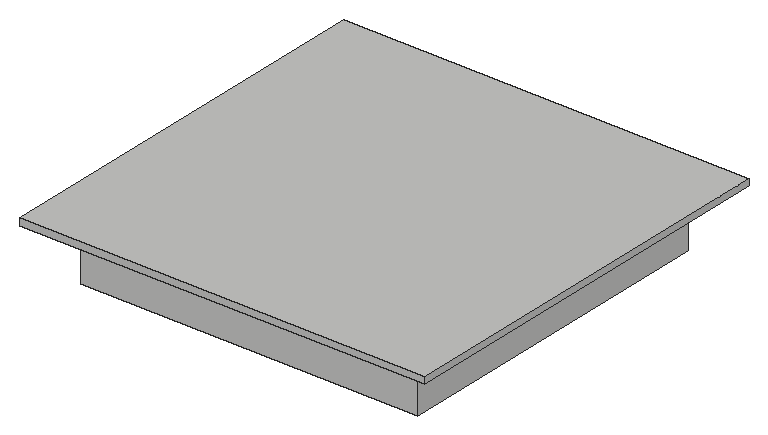
Revit family "Access_Panel-Wall_Ceiling_Door-Activar-Interior_Access-TM", category Doors, host Face, Revit 2012
Parameters (values of type "See Type Catalog")
  ecoScorecard_data = ""
  ecoScorecard Product Page = "http://ecoscorecard.com/"
  Width = 12"
  Warranty URL = "http://www.activarcpg.com/sites/default/files/warranty/jl-industries/JL%20AP%20Warranty.pdf"
  URL = "http://www.activarcpg.com/"
  Submittal URL = "http://www.activarcpg.com/sites/default/files/submittals/JL/Access%20Panels/Access%20Panel_TM_Submittal.pdf"
  Subcategory = "Access Panels"
  Shipping Weight = 0.00 lbf
  Rough Width = 10 3/8"
  Rough Height = 10 3/8"
  Product Page URL = "http://www.activarcpg.com/jl-industries/product/tm-multi-purpose-access-panel-1-trim-walls-ceilings"
  Product Line = "Flush Access Panels"
  Panel Type Use = "Standard Panel (Wall or Ceiling)"
  Options = "Optional Colors, Double Door, Louvered Vents, Plexiglass View Window, Removeable Door (no hinge), Rainhood, Gasketing, Galvanized Finish (TMG), Cylinder Lock, Mortise Cam Latch, Mortise Deadbolt Lock, Mortise Slam Latch, Knob Cam, Torx, Spanner or Hex Head Cam."
  Number of Latches = 1
  Model = "TM-0606CW"
  Manufacturer Toll Free Phone = "800-554-6077"
  Manufacturer Phone = "952-835-6850"
  Manufacturer Fax = "952-835-2218"
  Manufacturer Email = "mailto:Sales@activarcpg.com"
  Manufacturer Address = "9702 Newton Av S, Bloomington MN 55431"  # constant formula
  Manufacturer = "Activar Construction Products Group"  # constant formula
  Maitenance URL = "http://www.activarcpg.com/sites/default/files/InstallationMaint/JL/Access%20Panel%20Cleaning%20and%20Maintenance.pdf"
  Installation URL = "https://www.activarcpg.com/sites/default/files/InstallationMaint/JL/Access_Panel_TM_Installation.pdf"
  Height = 12"
  Hardware = "Flush screwdriver-operated steel cam (C)."
  Frame = "16 gauge steel with a 1\" wall flange."
  Finish [instance] = Paint - Activar - Gray Powder Coat Primer
  Door = "16 gauge steel access door mounted with 90° continuous, concealed hinge."
  Description = "Multi-Purpose Flush Steel Access Panel"
  Default Elevation = 48"
  Custom Size Note = "Custom sizes are available.  Contact manufacturer for availability."  # constant formula
  Cost Info = "mailto:Sales@activarcpg.com"
  Color Availability = "Red (R), Black (BK), Flat Black (FB), Sand (S), AMS Beige (AB), SC Flat Beige (SB), Gray (G), Bronze (B), Silver (SI)"
  Assembly Code = "C1020700"
  Additional Info URL = "http://www.activarcpg.com/sites/default/files/Specifications/Access%20Panels.doc"
  95 CSI = "08310"
  04 CSI = "08 31 16"
Reference planes (in)
  plane 1 "Center (Front/Back)": y = 0
  plane 2 "Bottom": z = 0
  plane 3 "Center (Left/Right)": x = 0
  plane 4 "Left Opening": x = -5.1875
  plane 5 "Right Opening": x = 5.1875
  plane 6 "Back Opening": y = 5.1875
  plane 7 "Front Opening": y = -5.1875
  plane 8: z = -24
  plane 9: z = 0
  plane 10 "Front Door": z = 0.2
  plane 11: z = -1.625
  plane 12 "Top": y = 6
  plane 13 "Btm": y = -6
  plane 14 "Left": x = -6
  plane 15 "Right": x = 6
  plane 16: x = -5
  plane 17: y = -5
  plane 18: x = 5
  plane 19: y = 5
  plane 20: x = 3.96771
Forms (in)
  Extrusion 1, void
    sketch origin (0, 0, 0) x (1, 0, 0) y (0, 1, 0)
      loop
        line (-5.1875, 5.1875) -> (-5.1875, -5.1875) -> (5.1875, -5.1875) -> (5.1875, 5.1875) -> (-5.1875, 5.1875)
    from 0 to -24
  Extrusion 2, solid, material "Paint - Activar - Gray Powder Coat Primer" <- "Finish"
    sketch origin (0, 0, 0) x (1, 0, 0) y (0, 1, 0)
      loop
        line (-5, 5) -> (-5, -5) -> (5, -5) -> (5, 5) -> (-5, 5)
    from -1.625 to 0
  Extrusion 3, solid, material "Paint - Activar - Gray Powder Coat Primer" <- "Finish"
    sketch origin (0, 0, 0.2) x (-1, 0, 0) y (0, -1, 0)
      loop
        line (6, -6) -> (6, 6) -> (-6, 6) -> (-6, -6) -> (6, -6)
    from 0 to -0.2
Lines and regions (in)
  Masking region 1
    outline origin (0, 0, 0) x (1, 0, 0) y (0, 0, 1)
      loop
        line (6, 0) -> (6, 0.2) -> (-6, 0.2) -> (-6, 0) -> (-5, 0) -> (-5, -1.625) -> (5, -1.625) -> (5, 0) -> (6, 0)
  Masking region 2
    outline origin (0, 0, 0.2) x (-1, 0, 0) y (0, -1, 0)
      loop
        line (6, -6) -> (6, 6) -> (-6, 6) -> (-6, -6) -> (6, -6)
  model lines, detail levels medium+fine
    curve 1: line (5, -5, 0.2) -> (-5, -5, 0.2)
    curve 2: line (5, 5, 0.2) -> (5, -5, 0.2)
    curve 14: line (5, 5, 0.2) -> (-5, 5, 0.2)
    curve 15: line (-5, 5, 0.2) -> (-5, -5, 0.2)
  symbolic lines, detail levels medium+fine
    curve 3: line (-5, -5, 0.2) -> (5, -5, 0.2)
    curve 4: line (-5, 5, 0.2) -> (-5, -5, 0.2)
    curve 5: line (5, 5, 0.2) -> (-5, 5, 0.2)
    curve 6: line (5, -5, 0.2) -> (5, 5, 0.2)
    curve 10: line (-5, 0, 0) -> (5, 0, 0)
  symbolic lines, detail levels fine
    curve 7: circle (3.96771, 0, 0.2) r 0.33333 normal (0, 0, 1)
    curve 8: line (3.63471, 0.01484, 0.2) -> (4.30071, 0.01484, 0.2)
    curve 9: line (3.63471, -0.01484, 0.2) -> (4.30071, -0.01484, 0.2)
  model lines, detail levels fine
    curve 11: circle (3.96771, 0, 0.2) r 0.33333 normal (0, 0, 1)
    curve 12: line (3.63471, 0.01484, 0.2) -> (4.30071, 0.01484, 0.2)
    curve 13: line (4.30071, -0.01484, 0.2) -> (3.63471, -0.01484, 0.2)
Dimensions and locks (in)
  equal spacing: plane 4 "Left Opening", plane 3 "Center (Left/Right)", plane 5 "Right Opening"
  equal spacing: plane 6 "Back Opening", plane 1 "Center (Front/Back)", plane 7 "Front Opening"
  "Rough Width": plane 4 "Left Opening" to plane 5 "Right Opening"
  "Rough Height": plane 6 "Back Opening" to plane 7 "Front Opening"
  level to plane 8 = 24"
  equal spacing: plane 14 "Left", plane 3 "Center (Left/Right)", plane 15 "Right"
  equal spacing: plane 12 "Top", plane 1 "Center (Front/Back)", plane 13 "Btm"
  "Height": plane 12 "Top" to plane 13 "Btm"
  "Width": plane 14 "Left" to plane 15 "Right"
  locked: plane 6 "Back Opening" to plane 19 at 0.1875
  locked: plane 4 "Left Opening" to plane 16 at 0.1875
  locked: plane 18 to plane 5 "Right Opening" at 0.1875
  locked: plane 17 to plane 7 "Front Opening" at 0.1875
  locked: plane 20 to plane 18 at 1.03229
  locked: plane 9 to plane 11 at 1.625
  locked: plane 10 "Front Door" to plane 9 at 0.2
  aligned and locked: plane 2 "Bottom" to host face
  aligned and locked: level to host face
  aligned and locked: plane 4 "Left Opening" to Extrusion 1 sketch curve
  aligned and locked: Extrusion 1 sketch curve to plane 5 "Right Opening"
  aligned and locked: Extrusion 1 sketch curve to plane 6 "Back Opening"
  aligned and locked: plane 7 "Front Opening" to Extrusion 1 sketch curve
  aligned and locked: Extrusion 1 to plane 8
  aligned and locked: plane 2 "Bottom" to Extrusion 1
  aligned and locked: Extrusion 2 to plane 11
  aligned and locked: Extrusion 2 to plane 9
  aligned and locked: plane 14 "Left" to Extrusion 3 sketch curve
  aligned and locked: plane 13 "Btm" to Extrusion 3 sketch curve
  aligned and locked: Extrusion 3 sketch curve to plane 15 "Right"
  aligned and locked: Extrusion 3 sketch curve to plane 12 "Top"
  aligned and locked: Extrusion 3 to plane 9
  aligned and locked: Masking region 2 sketch curve to plane 15 "Right"
  aligned and locked: Masking region 2 sketch curve to plane 12 "Top"
  aligned and locked: plane 14 "Left" to Masking region 2 sketch curve
  aligned and locked: plane 13 "Btm" to Masking region 2 sketch curve
  aligned and locked: plane 20 to curve 7
  aligned and locked: plane 1 "Center (Front/Back)" to curve 7
  aligned and locked: Masking region 1 sketch curve to plane 16
  aligned and locked: Masking region 1 sketch curve to plane 18
  aligned and locked: Masking region 1 sketch curve to plane 11
  aligned and locked: plane 15 "Right" to Masking region 1 sketch curve
  aligned and locked: Masking region 1 sketch curve to plane 14 "Left"
  aligned and locked: Masking region 1 sketch curve to plane 2 "Bottom"  (x2)
  aligned and locked: plane 16 to curve 10
  aligned and locked: plane 18 to curve 10
  aligned and locked: plane 16 to Extrusion 2 sketch curve
  aligned and locked: plane 17 to Extrusion 2 sketch curve
  aligned and locked: plane 18 to Extrusion 2 sketch curve
  aligned and locked: Extrusion 2 sketch curve to plane 19
  aligned and locked: curve 15 to plane 16
  aligned and locked: plane 19 to curve 14
  aligned and locked: plane 18 to curve 2
  aligned and locked: plane 17 to curve 1
  aligned and locked: plane 10 "Front Door" to Extrusion 3
  aligned and locked: Masking region 1 to plane 10 "Front Door"
  aligned and locked: nested 1 to plane 10 "Front Door"
  aligned and locked: nested 1 to plane 18
  aligned and locked: plane 16 to nested 1
Automatic sketch dimensions
  host sketch curve to host sketch curve = 16.90705"
  host sketch curve to host sketch curve = 15.87349"
  plane 10 "Front Door" to Masking region 1 sketch curve = 0"
  curve 10 to level = 0"
  curve 7 to curve 11 = 0"  (x2)
  plane 1 "Center (Front/Back)" to curve 9 = 0.01484"
  curve 9 to plane 20 = 0.333"
  curve 13 to curve 9 = 0"
  curve 12 to plane 1 "Center (Front/Back)" = 0.01484"
  curve 12 to curve 13 = 0"
  curve 8 to curve 12 = 0"
Nested families (in)
  nested 1: "Access_Panel-Door-Plan_Swing-2D" at (0, 0, 0.2) x (1, 0, 0) z (0, -1, 0), type "Access_Panel-Door-Plan_Swing-2D"
    with Door Width 10"
Definition of nested family "Access_Panel-Door-Plan_Swing-2D"
  Parameters (values of type "Access_Panel-Door-Plan_Swing-2D")
    Door Width [instance] = 13 1/2"
  Reference planes (in)
    plane 1 "Center (Front/Back)": y = 0
    plane 2: z = 0
    plane 3 "Center (Left/Right)": x = 0
    plane 4: x = -6.75
    plane 5: x = 6.75
  Lines and regions (in)
    detail lines, in view "Ref. Level"
      curve 1: line (-6.75, 0, 0) -> (-6.75, 13.5, 0)
      curve 2: arc (-6.75, 13.5, 0) -> (2.79594, 9.54594, 0) -> (6.75, 0, 0) r 13.5
  Dimensions and locks (in)
    equal spacing: plane 4, plane 3 "Center (Left/Right)", plane 5
    "Door Width": plane 4 to plane 5
    aligned and locked: plane 1 "Center (Front/Back)" to curve 2  (x2)
    aligned and locked: plane 4 to curve 2  (x2)
    aligned and locked: plane 1 "Center (Front/Back)" to curve 1
    aligned and locked: plane 5 to curve 2
    aligned and locked: plane 4 to curve 1
Types in the file's own list only (22): name | Width | Shipping Weight | Rough Width | Rough Height | Number of Latches | Model | Height
  6 x 6 | 8" | 4.00 lb | 6 3/8" | 6 3/8" | 1 | "TM-0606CW" | 8"
  8 x 8 | 10" | 4.00 lb | 8 3/8" | 8 3/8" | 1 | "TM-0808CW" | 10"
  8 x 12 | 10" | 6.00 lb | 8 3/8" | 12 3/8" | 1 | "TM-0812CW" | 14"
  10 x 10 | 12" | 6.00 lb | 10 3/8" | 10 3/8" | 1 | "TM-1010CW" | 12"
  12 x 12 | 14" | 7.00 lb | 12 3/8" | 12 3/8" | 1 | "TM-1212CW" | 14"
  12 x 16 | 14" | 9.00 lb | 12 3/8" | 16 3/8" | 1 | "TM-1216CW" | 18"
  12 x 18 | 14" | 10.00 lb | 12 3/8" | 18 3/8" | 1 | "TM-1218CW" | 20"
  12 x 24 | 14" | 12.00 lb | 12 3/8" | 24 3/8" | 2 | "TM-1224CW" | 26"
  14 x 14 | 16" | 9.00 lb | 14 3/8" | 14 3/8" | 1 | "TM-1414CW" | 16"
  16 x 16 | 18" | 11.00 lb | 16 3/8" | 16 3/8" | 1 | "TM-1616CW" | 18"
  16 x 20 | 18" | 13.00 lb | 16 3/8" | 20 3/8" | 2 | "TM-1620CW" | 22"
  18 x 18 | 20" | 12.00 lb | 18 3/8" | 18 3/8" | 3 | "TM-1818CW" | 20"
  20 x 24 | 22" | 15.00 lb | 20 3/8" | 24 3/8" | 4 | "TM-2024CW" | 26"
  20 x 30 | 22" | 20.00 lb | 20 3/8" | 30 3/8" | 4 | "TM-2030CW" | 32"
  22 x 22 | 24" | 17.00 lb | 22 3/8" | 22 3/8" | 4 | "TM-2222CW" | 24"
  22 x 30 | 24" | 22.00 lb | 22 3/8" | 30 3/8" | 4 | "TM-2230CW" | 32"
  22 x 36 | 24" | 24.00 lb | 22 3/8" | 36 3/8" | 5 | "TM-2236CW" | 38"
  24 x 24 | 26" | 18.00 lb | 24 3/8" | 24 3/8" | 4 | "TM-2424CW" | 26"
  24 x 30 | 26" | 22.00 lb | 24 3/8" | 30 3/8" | 5 | "TM-2430CW" | 32"
  24 x 36 | 26" | 25.00 lb | 24 3/8" | 36 3/8" | 5 | "TM-2436CW" | 38"
  30 x 30 | 32" | 30.00 lb | 30 3/8" | 30 3/8" | 5 | "TM-3030CW" | 32"
  36 x 36 | 38" | 41.00 lb | 36 3/8" | 36 3/8" | 5 | "TM-3636CW" | 38"
